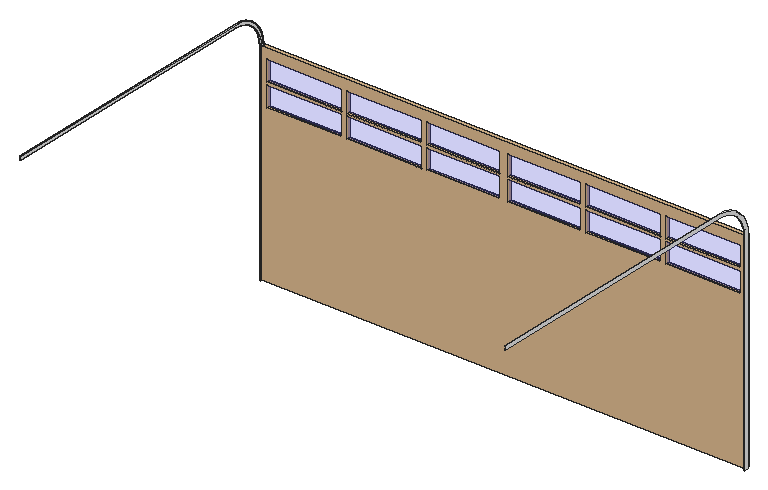
Revit family
Parameters (values of type "7Ft H x 16Ft W")
  Track Width = Width + 0' 2"  # 16' - 2"
  Track Height = Height + 1' 0"  # 8' - 0"
  Track Depth = 10' - 0"
  Track = Metal
  SmartBIM Object Version = 1  # constant formula
  SmartBIM Object Created By = "Reed Construction Data"  # constant formula
  Rough Width = 0' - 0"
  Rough Height = 0' - 0"
  Panel Thickness = 0' - 1 1/2"
  Manufacturer = ""
  Height = 7' - 0"
  Wall Closure = (empty or 0)
  Width = 16' - 0"
  Door Glass = Glass
  Door = Wood
  95 CSI = "08360"  # constant formula
  04 CSI = "08 36 13"  # constant formula
Types (3): name | Track Width | Width
  (no name) | 16' - 2" | 16' - 0"
  7Ft H x 8Ft W | 8' - 2" | 8' - 0"
  7Ft H x 16Ft W | 16' - 2" | 16' - 0"
Reference planes (in)
  plane 1 "Center (Front/Back)": y = 0
  plane 2 "Center (Left/Right)": x = 0
  plane 3 "Left": x = -96
  plane 4 "Right": x = 96
  plane 5 "Top": z = 84
  plane 6: x = -97
  plane 7: x = 97
  plane 8: y = -3.25
  plane 9: z = 81
  plane 10: y = -3.5
  plane 11: y = -3.5
  plane 12 "Ext": y = -4.25
  plane 13: y = -3.5
  plane 14 "Int": y = -2.75
  plane 15: z = 3
  plane 16: y = -3.5
  plane 17: z = 61.5
  plane 18: x = 64
  plane 19: x = 32
  plane 20: x = -64
  plane 21: x = -32
  plane 22: z = 80
  plane 23: x = 65
  plane 24: x = 95
  plane 25: z = 62.5
  plane 26: x = 63
  plane 27: x = 33
  plane 28: x = 31
  plane 29: x = 1
  plane 30: x = -1
  plane 31: x = -31
  plane 32: x = -33
  plane 33: x = -63
  plane 34: x = -65
  plane 35: x = -95
  plane 36: z = 57.5
  plane 37: z = 30.25
  plane 38: z = 31.75
  plane 39: z = 28.75
Forms (in)
  Extrusion 1, solid, material "Wood" <- "Door"
    sketch origin (0, 0, 0) x (1, 0, 0) y (0, 0, 1)
      loop
        line (-97, 84) -> (-97, 0) -> (97, 0) -> (97, 84) -> (-97, 84)
      loop
        line (95, 80) -> (65, 80) -> (65, 71.75) -> (95, 71.75) -> (95, 80)
      loop
        line (95, 62.5) -> (95, 70.75) -> (65, 70.75) -> (65, 62.5) -> (95, 62.5)
      loop
        line (63, 62.5) -> (63, 70.75) -> (33, 70.75) -> (33, 62.5) -> (63, 62.5)
      loop
        line (63, 80) -> (33, 80) -> (33, 71.75) -> (63, 71.75) -> (63, 80)
      loop
        line (31, 62.5) -> (31, 70.75) -> (1.5, 70.75) -> (1.5, 62.5) -> (31, 62.5)
      loop
        line (31, 80) -> (1.5, 80) -> (1.5, 71.75) -> (31, 71.75) -> (31, 80)
      loop
        line (-1.5, 62.5) -> (-1.5, 70.75) -> (-31, 70.75) -> (-31, 62.5) -> (-1.5, 62.5)
      loop
        line (-31, 80) -> (-31, 71.75) -> (-1.5, 71.75) -> (-1.5, 80) -> (-31, 80)
      loop
        line (-33, 62.5) -> (-33, 70.75) -> (-63, 70.75) -> (-63, 62.5) -> (-33, 62.5)
      loop
        line (-33, 80) -> (-63, 80) -> (-63, 71.75) -> (-33, 71.75) -> (-33, 80)
      loop
        line (-65, 62.5) -> (-65, 70.75) -> (-95, 70.75) -> (-95, 62.5) -> (-65, 62.5)
      loop
        line (-65, 80) -> (-95, 80) -> (-95, 71.75) -> (-65, 71.75) -> (-65, 80)
    from 2.75 to 4.25
  Extrusion 2, solid, material "Glass" <- "Door Glass"
    sketch origin (0, -3.25, 0) x (1, 0, 0) y (0, 0, 1)
      loop
        line (65, 71.75) -> (95, 71.75) -> (95, 80) -> (65, 80) -> (65, 71.75)
      loop
        line (65, 62.5) -> (95, 62.5) -> (95, 70.75) -> (65, 70.75) -> (65, 62.5)
      loop
        line (33, 62.5) -> (63, 62.5) -> (63, 70.75) -> (33, 70.75) -> (33, 62.5)
      loop
        line (33, 71.75) -> (63, 71.75) -> (63, 80) -> (33, 80) -> (33, 71.75)
      loop
        line (1.5, 71.75) -> (31, 71.75) -> (31, 80) -> (1.5, 80) -> (1.5, 71.75)
      loop
        line (1.5, 62.5) -> (31, 62.5) -> (31, 70.75) -> (1.5, 70.75) -> (1.5, 62.5)
      loop
        line (-31, 71.75) -> (-1.5, 71.75) -> (-1.5, 80) -> (-31, 80) -> (-31, 71.75)
      loop
        line (-31, 62.5) -> (-1.5, 62.5) -> (-1.5, 70.75) -> (-31, 70.75) -> (-31, 62.5)
      loop
        line (-63, 62.5) -> (-33, 62.5) -> (-33, 70.75) -> (-63, 70.75) -> (-63, 62.5)
      loop
        line (-63, 71.75) -> (-33, 71.75) -> (-33, 80) -> (-63, 80) -> (-63, 71.75)
      loop
        line (-95, 71.75) -> (-65, 71.75) -> (-65, 80) -> (-95, 80) -> (-95, 71.75)
      loop
        line (-95, 62.5) -> (-65, 62.5) -> (-65, 70.75) -> (-95, 70.75) -> (-95, 62.5)
    from 0 to 0.5
Lines and regions (in)
  Opening 1
    outline origin (-90, -2.75, 0) x (1, 0, 0) y (0, 0, 1)
      loop
        line (-6, 0) -> (186, 0) -> (186, 84) -> (-6, 84) -> (-6, 0)
  model lines
    curve 1: line (1.5, -2.75, 28.75) -> (31, -2.75, 28.75)
    curve 2: line (31, -2.75, 3) -> (31, -2.75, 28.75)
    curve 3: line (1.5, -2.75, 3) -> (31, -2.75, 3)
    curve 4: line (1.5, -2.75, 3) -> (1.5, -2.75, 28.75)
    curve 5: line (95, -2.75, 28.75) -> (95, -2.75, 3)
    curve 6: line (65, -2.75, 3) -> (65, -2.75, 28.75)
    curve 7: line (63, -2.75, 3) -> (63, -2.75, 28.75)
    curve 8: line (33, -2.75, 3) -> (33, -2.75, 28.75)
    curve 9: line (33, -2.75, 28.75) -> (63, -2.75, 28.75)
    curve 10: line (65, -2.75, 28.75) -> (95, -2.75, 28.75)
    curve 11: line (65, -2.75, 3) -> (95, -2.75, 3)
    curve 12: line (33, -2.75, 3) -> (63, -2.75, 3)
    curve 13: line (-1.5, -2.75, 28.75) -> (-31, -2.75, 28.75)
    curve 14: line (-1.5, -2.75, 3) -> (-1.5, -2.75, 28.75)
    curve 15: line (-31, -2.75, 3) -> (-1.5, -2.75, 3)
    curve 16: line (-31, -2.75, 28.75) -> (-31, -2.75, 3)
    curve 17: line (-33, -2.75, 28.75) -> (-63, -2.75, 28.75)
    curve 18: line (-33, -2.75, 3) -> (-33, -2.75, 28.75)
    curve 19: line (-63, -2.75, 3) -> (-33, -2.75, 3)
    curve 20: line (-63, -2.75, 28.75) -> (-63, -2.75, 3)
    curve 21: line (-65, -2.75, 28.75) -> (-95, -2.75, 28.75)
    curve 22: line (-65, -2.75, 3) -> (-65, -2.75, 28.75)
    curve 23: line (-95, -2.75, 3) -> (-65, -2.75, 3)
    curve 24: line (-95, -2.75, 31.75) -> (-95, -2.75, 3)
    curve 25: line (-95, -2.75, 31.75) -> (-65, -2.75, 31.75)
    curve 26: line (-95, -2.75, 57.5) -> (-95, -2.75, 31.75)
    curve 27: line (-65, -2.75, 57.5) -> (-95, -2.75, 57.5)
    curve 28: line (-65, -2.75, 31.75) -> (-65, -2.75, 57.5)
    curve 29: line (-63, -2.75, 31.75) -> (-33, -2.75, 31.75)
    curve 30: line (-63, -2.75, 57.5) -> (-63, -2.75, 31.75)
    curve 31: line (-33, -2.75, 57.5) -> (-63, -2.75, 57.5)
    curve 32: line (-33, -2.75, 31.75) -> (-33, -2.75, 57.5)
    curve 33: line (-31, -2.75, 31.75) -> (-1.5, -2.75, 31.75)
    curve 34: line (-31, -2.75, 57.5) -> (-31, -2.75, 31.75)
    curve 35: line (-1.5, -2.75, 57.5) -> (-31, -2.75, 57.5)
    curve 36: line (-1.5, -2.75, 31.75) -> (-1.5, -2.75, 57.5)
    curve 37: line (1.5, -2.75, 31.75) -> (31, -2.75, 31.75)
    curve 38: line (1.5, -2.75, 57.5) -> (1.5, -2.75, 31.75)
    curve 39: line (31, -2.75, 57.5) -> (1.5, -2.75, 57.5)
    curve 40: line (31, -2.75, 31.75) -> (31, -2.75, 57.5)
    curve 41: line (33, -2.75, 31.75) -> (63, -2.75, 31.75)
    curve 42: line (33, -2.75, 57.5) -> (33, -2.75, 31.75)
    curve 43: line (63, -2.75, 57.5) -> (33, -2.75, 57.5)
    curve 44: line (63, -2.75, 31.75) -> (63, -2.75, 57.5)
    curve 45: line (65, -2.75, 31.75) -> (95, -2.75, 31.75)
    curve 46: line (65, -2.75, 57.5) -> (65, -2.75, 31.75)
    curve 47: line (95, -2.75, 57.5) -> (65, -2.75, 57.5)
    curve 48: line (95, -2.75, 31.75) -> (95, -2.75, 57.5)
    curve 49: line (-65, -4.25, 57.5) -> (-95, -4.25, 57.5)
    curve 50: line (-95, -4.25, 57.5) -> (-95, -4.25, 31.75)
    curve 51: line (-95, -4.25, 31.75) -> (-65, -4.25, 31.75)
    curve 52: line (-65, -4.25, 31.75) -> (-65, -4.25, 57.5)
    curve 53: line (-33, -4.25, 57.5) -> (-63, -4.25, 57.5)
    curve 54: line (-63, -4.25, 57.5) -> (-63, -4.25, 31.75)
    curve 55: line (-63, -4.25, 31.75) -> (-33, -4.25, 31.75)
    curve 56: line (-33, -4.25, 31.75) -> (-33, -4.25, 57.5)
    curve 57: line (-1.5, -4.25, 57.5) -> (-31, -4.25, 57.5)
    curve 58: line (-31, -4.25, 57.5) -> (-31, -4.25, 31.75)
    curve 59: line (-31, -4.25, 31.75) -> (-1.5, -4.25, 31.75)
    curve 60: line (-1.5, -4.25, 31.75) -> (-1.5, -4.25, 57.5)
    curve 61: line (31, -4.25, 57.5) -> (1.5, -4.25, 57.5)
    curve 62: line (1.5, -4.25, 57.5) -> (1.5, -4.25, 31.75)
    curve 63: line (1.5, -4.25, 31.75) -> (31, -4.25, 31.75)
    curve 64: line (31, -4.25, 31.75) -> (31, -4.25, 57.5)
    curve 65: line (63, -4.25, 57.5) -> (33, -4.25, 57.5)
    curve 66: line (33, -4.25, 57.5) -> (33, -4.25, 31.75)
    curve 67: line (33, -4.25, 31.75) -> (63, -4.25, 31.75)
    curve 68: line (63, -4.25, 31.75) -> (63, -4.25, 57.5)
    curve 69: line (95, -4.25, 57.5) -> (65, -4.25, 57.5)
    curve 70: line (65, -4.25, 57.5) -> (65, -4.25, 31.75)
    curve 71: line (65, -4.25, 31.75) -> (95, -4.25, 31.75)
    curve 72: line (95, -4.25, 31.75) -> (95, -4.25, 57.5)
    curve 73: line (65, -4.25, 28.75) -> (95, -4.25, 28.75)
    curve 74: line (95, -4.25, 28.75) -> (95, -4.25, 3)
    curve 75: line (95, -4.25, 3) -> (65, -4.25, 3)
    curve 76: line (65, -4.25, 3) -> (65, -4.25, 28.75)
    curve 77: line (33, -4.25, 28.75) -> (63, -4.25, 28.75)
    curve 78: line (63, -4.25, 28.75) -> (63, -4.25, 3)
    curve 79: line (63, -4.25, 3) -> (33, -4.25, 3)
    curve 80: line (33, -4.25, 3) -> (33, -4.25, 28.75)
    curve 81: line (1.5, -4.25, 28.75) -> (31, -4.25, 28.75)
    curve 82: line (31, -4.25, 28.75) -> (31, -4.25, 3)
    curve 83: line (31, -4.25, 3) -> (1.5, -4.25, 3)
    curve 84: line (1.5, -4.25, 3) -> (1.5, -4.25, 28.75)
    curve 85: line (-1.5, -4.25, 28.75) -> (-31, -4.25, 28.75)
    curve 86: line (-31, -4.25, 28.75) -> (-31, -4.25, 3)
    curve 87: line (-31, -4.25, 3) -> (-1.5, -4.25, 3)
    curve 88: line (-1.5, -4.25, 3) -> (-1.5, -4.25, 28.75)
    curve 89: line (-33, -4.25, 28.75) -> (-63, -4.25, 28.75)
    curve 90: line (-63, -4.25, 28.75) -> (-63, -4.25, 3)
    curve 91: line (-63, -4.25, 3) -> (-33, -4.25, 3)
    curve 92: line (-33, -4.25, 3) -> (-33, -4.25, 28.75)
    curve 93: line (-65, -4.25, 28.75) -> (-95, -4.25, 28.75)
    curve 94: line (-95, -4.25, 28.75) -> (-95, -4.25, 3)
    curve 95: line (-95, -4.25, 3) -> (-65, -4.25, 3)
    curve 96: line (-65, -4.25, 3) -> (-65, -4.25, 28.75)
Text (in)
  text "Exterior" at (-74.96733, 27.31104, 0), in view "Ref. Level"
  text "Interior" at (-76.69036, -30.31274, 0), in view "Ref. Level"
  text "Exterior" at (0, 40.15149, 123.01588), in view "Right"
  text "Interior" at (0, -64.39139, 123.01588), in view "Right"
  text "Interior" at (0, -31.01599, 123.00693), in view "Left"
  text "Exterior" at (0, 54.57065, 123.00693), in view "Left"
Dimensions and locks (in)
  equal spacing: plane 3 "Left", plane 2 "Center (Left/Right)", plane 4 "Right"
  "Width": plane 3 "Left" to plane 4 "Right"
  locked: plane 6 to plane 3 "Left" at 1
  locked: plane 4 "Right" to plane 7 at 1
  plane 9 to plane 5 "Top" = 0' - 3"
  host wall to plane 8 to plane 10 = 0' - 0 1/2", 0' - 0 1/4"
  equal spacing: plane 12 "Ext", plane 13, plane 14 "Int"
  "Panel Thickness": plane 14 "Int" to plane 12 "Ext"
  plane 5 "Top" to plane 9 = 0' - 3"
  equal spacing: plane 7, plane 2 "Center (Left/Right)", plane 6
  locked: plane 15 to level at 3
  "Height": plane 5 "Top" to level
  locked: plane 17 to plane 9 at 19.5
  equal spacing: plane 2 "Center (Left/Right)", plane 19, plane 18, plane 4 "Right"
  equal spacing: plane 2 "Center (Left/Right)", plane 21, plane 20, plane 3 "Left"
  locked: plane 24 to plane 4 "Right" at 1
  locked: plane 23 to plane 18 at 1
  locked: plane 18 to plane 26 at 1
  locked: plane 27 to plane 19 at 1
  locked: plane 19 to plane 28 at 1
  locked: plane 29 to plane 2 "Center (Left/Right)" at 1
  locked: plane 2 "Center (Left/Right)" to plane 30 at 1
  locked: plane 21 to plane 31 at 1
  locked: plane 32 to plane 21 at 1
  locked: plane 20 to plane 33 at 1
  locked: plane 34 to plane 20 at 1
  locked: plane 3 "Left" to plane 35 at 1
  locked: plane 22 to plane 9 at 1
  locked: plane 17 to plane 25 at 1
  locked: Extrusion 2 to Extrusion 2 at 0.5
  locked: Extrusion 2 to plane 14 "Int" at 0.5
  locked: plane 36 to plane 17 at 4
  level to plane 15 = 0' - 3"
  equal spacing: plane 15, plane 37, plane 36
  plane 30 to Extrusion 1 sketch curve = 0' - 0 1/2"
  locked: plane 30 to Extrusion 1 sketch curve at 0.5  (x2)
  locked: Extrusion 1 sketch curve to plane 29 at 0.5  (x2)
  locked: plane 37 to plane 38 at 1.5
  locked: plane 39 to plane 37 at 1.5
  aligned and locked: plane 3 "Left" to Opening 1 sketch curve
  aligned and locked: plane 5 "Top" to Opening 1 sketch curve
  aligned and locked: Opening 1 sketch curve to plane 5 "Top"
  aligned and locked: Opening 1 sketch curve to plane 4 "Right"
  aligned and locked: Opening 1 sketch curve to level
  aligned and locked: Extrusion 1 sketch curve to plane 6
  aligned and locked: Extrusion 1 sketch curve to plane 7
  aligned and locked: Extrusion 1 sketch curve to level
  aligned and locked: Extrusion 1 sketch curve to host wall
  aligned and locked: plane 10 to plane 11
  aligned and locked: host wall to plane 14 "Int"
  aligned and locked: plane 11 to plane 13
  aligned and locked: plane 12 "Ext" to Extrusion 1
  aligned and locked: Extrusion 1 to host wall
  aligned and locked: plane 16 to plane 13
  aligned and locked: plane 24 to Extrusion 1 sketch curve
  aligned and locked: plane 22 to Extrusion 1 sketch curve  (x5)
  aligned and locked: Extrusion 1 sketch curve to plane 25  (x2)
  aligned and locked: Extrusion 1 sketch curve to plane 23
  aligned and locked: plane 26 to Extrusion 1 sketch curve
  aligned and locked: plane 27 to Extrusion 1 sketch curve
  aligned and locked: plane 28 to Extrusion 1 sketch curve
  aligned and locked: plane 25 to Extrusion 1 sketch curve  (x4)
  aligned and locked: plane 31 to Extrusion 1 sketch curve
  aligned and locked: plane 32 to Extrusion 1 sketch curve
  aligned and locked: plane 33 to Extrusion 1 sketch curve
  aligned and locked: plane 34 to Extrusion 1 sketch curve
  aligned and locked: Extrusion 1 sketch curve to plane 35
  aligned and locked: Extrusion 2 sketch curve to Extrusion 1  (x48)
  aligned and locked: plane 28 to curve 2
  aligned and locked: plane 24 to curve 5
  aligned and locked: plane 23 to curve 6
  aligned and locked: plane 26 to curve 7
  aligned and locked: plane 27 to curve 8
  aligned and locked: plane 39 to curve 13
  aligned and locked: plane 15 to curve 16
  aligned and locked: curve 16 to plane 31
  aligned and locked: plane 32 to curve 17
  aligned and locked: plane 39 to curve 17
  aligned and locked: curve 20 to plane 33
  aligned and locked: plane 39 to curve 21
  aligned and locked: plane 35 to curve 25
  aligned and locked: plane 36 to curve 28
  aligned and locked: plane 36 to curve 40
  aligned and locked: plane 28 to curve 40
  aligned and locked: plane 27 to curve 41
  aligned and locked: curve 44 to plane 36
  aligned and locked: plane 23 to curve 45
  aligned and locked: curve 49 to curve 27
  aligned and locked: curve 50 to curve 26
  aligned and locked: curve 52 to curve 28
  aligned and locked: curve 53 to curve 31
  aligned and locked: curve 54 to curve 30
  aligned and locked: curve 56 to curve 32
  aligned and locked: curve 35 to curve 57
  aligned and locked: curve 58 to curve 34
  aligned and locked: curve 61 to curve 39
  aligned and locked: curve 37 to curve 63
  aligned and locked: curve 64 to curve 40
  aligned and locked: curve 65 to curve 43
  aligned and locked: curve 66 to curve 42
  aligned and locked: curve 67 to curve 41
  aligned and locked: curve 68 to curve 44
  aligned and locked: curve 69 to curve 47
  aligned and locked: curve 70 to curve 46
  aligned and locked: curve 71 to curve 45
  aligned and locked: curve 72 to curve 48
  aligned and locked: curve 75 to curve 11
  aligned and locked: curve 76 to curve 6
  aligned and locked: curve 79 to curve 12
  aligned and locked: curve 80 to curve 8
  aligned and locked: curve 83 to curve 3
  aligned and locked: curve 86 to curve 16
  aligned and locked: curve 87 to curve 15
  aligned and locked: curve 90 to curve 20
  aligned and locked: curve 91 to curve 19
  aligned and locked: curve 92 to curve 18
  aligned and locked: curve 24 to curve 94
  aligned and locked: curve 95 to curve 23
  aligned and locked: curve 96 to curve 22
  aligned and locked: curve 51 to plane 38
  aligned and locked: plane 38 to curve 55
  aligned and locked: curve 55 to curve 59
  aligned and locked: plane 39 to curve 93
  aligned and locked: plane 39 to curve 89
  aligned and locked: plane 39 to curve 85
  aligned and locked: curve 81 to plane 39
  aligned and locked: curve 77 to plane 39
  aligned and locked: curve 73 to plane 39
  aligned and locked: curve 48 to plane 38
  aligned and locked: plane 38 to curve 46
  aligned and locked: plane 38 to curve 44
  aligned and locked: plane 38 to curve 42
  aligned and locked: plane 38 to curve 40
  aligned and locked: plane 38 to curve 38
  aligned and locked: plane 38 to curve 33
  aligned and locked: plane 38 to curve 34
  aligned and locked: plane 38 to curve 32
  aligned and locked: plane 38 to curve 30
  aligned and locked: plane 38 to curve 28
  aligned and locked: plane 38 to curve 26
  aligned and locked: curve 21 to plane 39
  aligned and locked: plane 39 to curve 20
  aligned and locked: plane 39 to curve 16
  aligned and locked: plane 39 to curve 1
  aligned and locked: plane 39 to curve 2
  aligned and locked: plane 39 to curve 9  (x2)
  aligned and locked: plane 39 to curve 10  (x2)
  aligned and locked: curve 60 to Extrusion 1
  aligned and locked: curve 88 to curve 60
  aligned and locked: Extrusion 2 to curve 62
  aligned and locked: curve 84 to curve 62
  aligned and locked: Extrusion 1 to curve 38
  aligned and locked: curve 4 to Extrusion 1
  aligned and locked: curve 36 to Extrusion 1
  aligned and locked: curve 14 to Extrusion 1
  aligned and locked: nested 1 to plane 2 "Center (Left/Right)"
  aligned and locked: nested 1 to plane 12 "Ext"
Automatic sketch dimensions
  plane 25 to Extrusion 1 sketch curve = 0' - 8 1/4"  (x2)
  Extrusion 1 sketch curve to Extrusion 1 sketch curve = 0' - 1"  (x7)
  Extrusion 1 sketch curve to Extrusion 1 sketch curve = 0' - 0"  (x3)
  Extrusion 1 sketch curve to plane 24 = 0' - 0"
  Extrusion 1 sketch curve to plane 35 = 0' - 0"
  Extrusion 1 sketch curve to plane 34 = 0' - 0"
  Extrusion 1 sketch curve to plane 33 = 0' - 0"
  Extrusion 1 sketch curve to plane 32 = 0' - 0"
  Extrusion 1 sketch curve to plane 31 = 0' - 0"
  Extrusion 1 sketch curve to plane 28 = 0' - 0"
  Extrusion 1 sketch curve to plane 27 = 0' - 0"
  Extrusion 1 sketch curve to plane 26 = 0' - 0"
  Extrusion 1 sketch curve to plane 23 = 0' - 0"
  Extrusion 1 sketch curve to plane 22 = 0' - 0"
  curve 23 to plane 15 = 0' - 0"
  curve 19 to plane 15 = 0' - 0"
  curve 12 to plane 15 = 0' - 0"
  curve 2 to plane 15 = 0' - 0"
  curve 5 to plane 15 = 0' - 0"
  curve 36 to plane 36 = 0' - 0"
  curve 32 to plane 36 = 0' - 0"
  curve 46 to plane 36 = 0' - 0"
  curve 45 to plane 24 = 0' - 0"
  curve 43 to plane 26 = 0' - 0"
  curve 32 to plane 32 = 0' - 0"
  curve 33 to plane 31 = 0' - 0"
  curve 28 to plane 34 = 0' - 0"
  curve 31 to plane 33 = 0' - 0"
  curve 23 to plane 34 = 0' - 0"
  curve 83 to plane 28 = 0' - 0"
  curve 79 to plane 26 = 0' - 0"
  curve 74 to plane 24 = 0' - 0"
Nested families (in)
  nested 1: "Door Track" at (-0.5, -65, 0), Width <- "Track Width", Height <- "Track Height", Depth <- "Track Depth", type "Door Track"
    with Width 16' - 2", Height 8' - 0", Depth 10' - 0"
Definition of nested family "Door Track"
  Parameters
    Width [instance] = 10' - 0"
    Track = Metal
    Height [instance] = 11' - 0"
    Depth [instance] = 10' - 0"
  Reference planes (in)
    plane 1 "Center (Front/Back)": y = 0
    plane 2: z = 0
    plane 3 "Center (Left/Right)": x = 0.5
    plane 4 "Back": y = 60
    plane 5 "Front": y = -60
    plane 6 "Left": x = -59.5
    plane 7 "Right": x = 60.5
    plane 8 "Top": z = 132
    plane 9 "Center (Up/Down)": z = 66
    plane 10: y = 60.75
    plane 11: y = 61.5
  Forms (in)
    Sweep 1, solid, material "Metal" <- "Track"
      path origin (60.5, 60, 48) x (0, 1, 0) y (0, 0, 1)
        loop
          line (0, -48) -> (0, 72)
          arc (0, 72) -> (-3.51472, 80.48528) -> (-12, 84) r 12
          line (-12, 84) -> (-120, 84)
      profile origin (60.5, -6, 132) x (0, 0, -1) y (1, 0, 0)
        loop
          line (-1.5, 0) -> (-1.375, 0) -> (-1.375, 0.375) -> (-0.125, 0.375) -> (-0.125, 0) -> (0, 0) -> (0, 0.5) -> (-1.5, 0.5) -> (-1.5, 0)
    Sweep 2, solid, material "Metal" <- "Track"
      path origin (-59.5, 60, 48) x (0, 1, 0) y (0, 0, 1)
        loop
          line (0, -48) -> (0, 72)
          arc (0, 72) -> (-3.51472, 80.48528) -> (-12, 84) r 12
          line (-12, 84) -> (-120, 84)
      profile origin (-59.5, -6, 132) x (0, 0, -1) y (1, 0, 0)
        loop
          line (-1.5, 0) -> (-1.5, -0.5) -> (0, -0.5) -> (0, 0) -> (-0.125, 0) -> (-0.125, -0.375) -> (-1.375, -0.375) -> (-1.375, 0) -> (-1.5, 0)
  Dimensions and locks (in)
    equal spacing: plane 6 "Left", plane 3 "Center (Left/Right)", plane 7 "Right"
    "Width": plane 6 "Left" to plane 7 "Right"
    equal spacing: plane 4 "Back", plane 1 "Center (Front/Back)", plane 5 "Front"
    "Depth": plane 4 "Back" to plane 5 "Front"
    "Height": plane 8 "Top" to plane 2
    equal spacing: plane 8 "Top", plane 9 "Center (Up/Down)", level
    locked: Sweep 2 sketch curve to Sweep 2 sketch curve at 0.125  (x3)
    locked: Sweep 2 sketch curve to Sweep 2 sketch curve at 0.5  (x2)
    locked: Sweep 2 sketch curve to Sweep 2 sketch curve at 1.5
    locked: Sweep 1 sketch curve to Sweep 1 sketch curve at 0.5  (x2)
    locked: Sweep 1 sketch curve to Sweep 1 sketch curve at 0.125  (x3)
    locked: Sweep 1 sketch curve to Sweep 1 sketch curve at 1.5
    equal spacing: plane 4 "Back", plane 10, plane 11
    locked: plane 10 to plane 11 at 0.75
    radius of Sweep 1 sketch curve = 1' - 0"
    radius of Sweep 2 sketch curve = 1' - 0"
    aligned and locked: plane 8 "Top" to Sweep 1 sketch curve  (x2)
    aligned and locked: plane 5 "Front" to Sweep 1 sketch curve
    aligned and locked: plane 4 "Back" to Sweep 1 sketch curve
    aligned and locked: plane 4 "Back" to Sweep 2 sketch curve
    aligned and locked: plane 5 "Front" to Sweep 2 sketch curve
    aligned and locked: level to Sweep 2 sketch curve
    aligned and locked: Sweep 2 sketch curve to profile plane  (x2)
    aligned and locked: Sweep 1 sketch curve to profile plane
    aligned and locked: plane 11 to Sweep 1
  Automatic sketch dimensions
    Sweep 1 sketch curve to level = 0' - 0"
    Sweep 2 sketch curve to plane 8 "Top" = 0' - 0"
